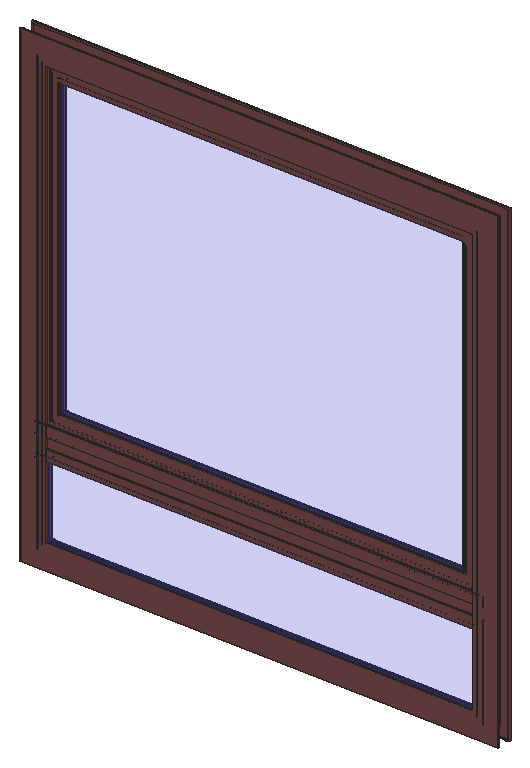
Revit family "PT,PS, 69, 99, 612, 912, 615, 68", category Windows, host Wall, Revit 2016
Family settings
  Host = Wall
  OmniClass Number = 23.30.20.00
  OmniClass Title = Windows
  Always vertical = Yes
  Cut with Voids When Loaded = No
  Shared = No
  Room Calculation Point = No
Parameters (values of type "PT Type-  99")
  URL = "http://www.robmeg.co.za/"
  Top hung = yes
  Side hung = no
  Rough Height = 1219.2 mm
  Plaster = 5 mm
  Mullion height = 200 mm
  Model = "PT 99"
  Manufacturer = "Robmeg"  # constant formula
  Height = 910 mm
  Glazing = Glass
  Description = "Anodized Aluminium"
  Default Sill Height = 914.4 mm
  Wall Closure = By host
  Width = 910 mm
  Bottom guide = 33.125 mm
  Bottom glass thickness = 4 mm
  Author = "Inside"
  Aluminium anodized = Aluminium
Types (7, lengths in mm): name | Top hung | Side hung | Mullion height | Model | Height | Description | Width | Bottom glass thickness
  (no name) | yes | no | 200 | "PT 99" | 910 | "Anodized Aluminium" | 910 | 4
  PT Type- 69 | yes | no | 200 | "PT 69" | 910 | "Anodized Aluminium" | 610 | 4
  PT Type-  99 | yes | no | 200 | "PT 99" | 910 | "Anodized Aluminium" | 910 | 4
  PT Type- 612 | yes | no | 600 | "PT 612" | 1210 | "Anodized Aluminium" | 610 | 4
  PT Type- 912 | yes | no | 600 | "PT 912" | 1210 | "Anodized Aluminium" | 910 | 4
  PS Type- 615 | no | yes | 375 | "PS 615" | 1510 | "Anodized Alumium" | 610 | 4
  PS Type- 618 | no | yes | 500 | "PS 618" | 1510 | "Anodized Aluminum" | 610 | 6
Reference planes
  plane 1 "Center (Front/Back)": y = 0
  plane 2: z = 0
  plane 3 "Center (Left/Right)": x = 0
  plane 4 "Left": x = -455
  plane 5 "Right": x = 455
  plane 6 "Sill": z = 914.4
  plane 7 "Top": z = 1824.4
  plane 8: x = -450
  plane 9: z = 1819.4
  plane 10: z = 919.4
  plane 11: x = 450
  plane 12 "Glass start": y = 1
  plane 13 "Glass end": y = -3
  plane 14: z = 1469.4
  plane 15: z = 1119.4
  plane 16: z = 952.525
  plane 17: x = -416.875
  plane 18: x = 416.875
Forms (mm)
  Sweep 1, solid, material "Aluminium" <- "Aluminium anodized"
    path origin (0, 0, 0) x (1, 0, 0) y (0, 0, 1)
      loop
        line (450, 1819.4) -> (-450, 1819.4) -> (-450, 919.4) -> (450, 919.4) -> (450, 1819.4)
    profile "51741 : 51741" origin (0, 0, 1819.4) x (0, 0, -1) y (0, -1, 0)
      loop
        line (26.815, -14.05) -> (20.535, -14.05) -> (20.535, -10.19) -> (21.815, -10.19) -> (21.815, -7.3) -> (19.535, -7.3) -> (19.535, -14.05) -> (1.135, -14.05) -> (1.135, -10.95)
        arc (1.135, -10.95) -> (0.286, -11.301) -> (-0.065, -12.15) r 1.2
        line (-0.065, -12.15) -> (-0.065, -15.25) -> (30.515, -15.25) -> (30.515, -12.384) -> (28.015, -13.827) -> (28.015, 14.05) -> (29.515, 14.05) -> (29.515, 11.75)
        arc (29.515, 11.75) -> (30.015, 11.25) -> (30.515, 11.75) r 0.5
        line (30.515, 11.75) -> (30.515, 14.05) -> (39.515, 14.05) -> (39.515, 11.65) -> (41.896, 11.65) -> (41.896, 12.85) -> (40.715, 12.85) -> (40.715, 14.05) -> (46.215, 14.05) -> (46.215, 12.85) -> (45.215, 12.85) -> (45.215, 11.65) -> (47.415, 11.65) -> (47.415, 15.25) -> (-0.065, 15.25) -> (-0.065, 12.15)
        arc (-0.065, 12.15) -> (0.334, 11.455) -> (1.135, 11.45) r 0.804
        line (1.135, 11.45) -> (1.135, 14.05) -> (19.535, 14.05) -> (19.535, 7.3) -> (21.815, 7.3) -> (21.815, 10.19) -> (20.535, 10.19) -> (20.535, 14.05) -> (26.815, 14.05) -> (26.815, -14.05)
  Sweep 2, solid, material "Aluminium" <- "Aluminium anodized"
    path origin (0, 0, 0) x (1, 0, 0) y (0, 0, 1)
      loop
        line (-450, 1819.4) -> (-450, 1119.4) -> (450, 1119.4) -> (450, 1819.4) -> (-450, 1819.4)
    profile "H10197 : H10197" origin (-450, 0, 1469.4) x (1, 0, 0) y (0, -1, 0)
      loop
        line (43.095, 8.408) -> (43.095, -19.692) -> (49.375, -19.692) -> (49.375, -14.812)
        arc (49.375, -14.812) -> (48.125, -13.562) -> (49.375, -12.312) r 1.25
        line (49.375, -12.312) -> (49.375, 1.008)
        arc (49.375, 1.008) -> (48.125, 2.258) -> (49.375, 3.508) r 1.25
        line (49.375, 3.508) -> (49.375, 8.408) -> (43.095, 8.408)
      loop
        line (41.895, 8.128) -> (41.895, -5.218) -> (41.895, -19.692) -> (40.495, -19.692) -> (40.495, -17.512)
        arc (40.495, -17.512) -> (39.995, -17.012) -> (39.495, -17.512) r 0.5
        line (39.495, -17.512) -> (39.495, -19.692) -> (30.495, -19.692) -> (30.495, -17.492) -> (28.345, -17.492)
        arc (28.345, -17.492) -> (27.845, -17.992) -> (28.345, -18.492) r 0.5
        line (28.345, -18.492) -> (29.295, -18.492) -> (29.295, -19.692) -> (23.795, -19.692) -> (23.795, -18.378) -> (24.706, -18.378)
        arc (24.706, -18.378) -> (25.206, -17.878) -> (24.706, -17.378) r 0.5
        line (24.706, -17.378) -> (23.784, -17.378)
        arc (23.784, -17.378) -> (23.137, -16.895) -> (22.595, -17.493) r 0.6
        line (22.595, -17.493) -> (22.595, -20.892) -> (53.175, -20.892) -> (53.175, -18.892)
        arc (53.175, -18.892) -> (51.875, -18.322) -> (50.575, -18.892) r 1.767
        line (50.575, -18.892) -> (50.575, -6.066) -> (50.575, 7.908)
        arc (50.575, 7.908) -> (51.375, 8.708) -> (52.175, 7.908) r 0.8
        line (52.175, 7.908) -> (52.175, 6.228)
        arc (52.175, 6.228) -> (52.675, 5.728) -> (53.175, 6.228) r 0.5
        line (53.175, 6.228) -> (53.175, 8.408) -> (62.175, 8.408) -> (62.175, 6.208) -> (64.325, 6.208)
        arc (64.325, 6.208) -> (64.825, 6.708) -> (64.325, 7.208) r 0.5
        line (64.325, 7.208) -> (63.375, 7.208) -> (63.375, 8.408) -> (68.875, 8.408) -> (68.875, 7.208) -> (67.925, 7.208)
        arc (67.925, 7.208) -> (67.425, 6.708) -> (67.925, 6.208) r 0.5
        line (67.925, 6.208) -> (68.875, 6.208)
        arc (68.875, 6.208) -> (69.474, 5.608) -> (70.075, 6.207) r 0.6
        line (70.075, 6.207) -> (70.075, 9.608) -> (39.495, 9.608) -> (39.495, 6.742) -> (41.895, 8.128)
  Sweep 3, solid, material "Aluminium" <- "Aluminium anodized"
    path origin (0, 0, 0) x (1, 0, 0) y (0, 0, 1)
      loop
        line (-450, 1819.4) -> (-450, 1119.4) -> (450, 1119.4) -> (450, 1819.4) -> (-450, 1819.4)
    profile "glazing gasket : glazing gasket" origin (-450, 0, 1469.4) x (1, 0, 0) y (0, -1, 0)
      loop
        line (53.254, -17.23) -> (53.254, -20.244) -> (69.855, -5.509)
        arc (69.855, -5.509) -> (69.76, -4.756) -> (69.092, -5.117) r 0.46
        line (69.092, -5.117) -> (67.564, -6.473) -> (66.198, -4.108) -> (65.274, -4.108) -> (66.736, -6.639) -> (61.74, -6.639) -> (63.22, -4.077) -> (51.988, -4.077) -> (51.988, 8.186) -> (51.188, 8.186) -> (51.188, -4.877) -> (61.834, -4.877) -> (60.355, -7.439) -> (66.475, -7.439) -> (54.054, -18.464) -> (54.054, -15.845) -> (50.954, -17.634) -> (50.954, -18.558) -> (53.254, -17.23)
  Extrusion 4, solid, material "Glass" <- "Glazing"
    sketch origin (0, 0, 914.4) x (0, -1, 0) y (1, 0, 0)
      loop
        line (-1, -395.946) -> (3, -395.946) -> (3, 395.946) -> (-1, 395.946) -> (-1, -395.946)
    from 259.054 to 850.946
  Sweep 5, solid, material "Aluminium" <- "Aluminium anodized"
    path origin (0, 0, 0) x (1, 0, 0) y (0, 0, 1)
      loop
        line (421.985, 1119.4) -> (-421.985, 1119.4)
    profile "H10196 : H10196" origin (0, 0, 1119.4) x (0, 0, -1) y (0, -1, 0)
      loop
        line (-6.462, -14.013) -> (-6.462, -3.983)
        arc (-6.462, -3.983) -> (-6.819, -3.344) -> (-7.55, -3.313) r 0.75
        arc (-7.55, -3.313) -> (-9.511, -3.642) -> (-11.315, -2.806) r 3.36
        arc (-11.315, -2.806) -> (-11.372, -1.69) -> (-10.256, -1.633) r 0.79
        arc (-10.256, -1.633) -> (-7.282, -0.313) -> (-10.256, 1.008) r 1.78
        arc (-10.256, 1.008) -> (-11.372, 1.065) -> (-11.315, 2.181) r 0.79
        arc (-11.315, 2.181) -> (-9.511, 3.017) -> (-7.55, 2.688) r 3.36
        arc (-7.55, 2.688) -> (-6.819, 2.719) -> (-6.462, 3.358) r 0.75
        line (-6.462, 3.358) -> (-6.462, 9.887) -> (-26.662, 9.887) -> (-26.662, 3.358)
        arc (-26.662, 3.358) -> (-26.306, 2.719) -> (-25.575, 2.688) r 0.75
        arc (-25.575, 2.688) -> (-23.614, 3.017) -> (-21.81, 2.181) r 3.36
        arc (-21.81, 2.181) -> (-21.753, 1.065) -> (-22.869, 1.008) r 0.79
        arc (-22.869, 1.008) -> (-25.842, -0.313) -> (-22.869, -1.633) r 1.78
        arc (-22.869, -1.633) -> (-21.753, -1.69) -> (-21.81, -2.806) r 0.79
        arc (-21.81, -2.806) -> (-23.733, -3.656) -> (-25.785, -3.197) r 3.36
        arc (-25.785, -3.197) -> (-26.533, -3.245) -> (-26.662, -3.983) r 0.606
        line (-26.662, -3.983) -> (-26.662, -14.013) -> (-6.462, -14.013)
      loop
        line (-2.562, -15.313) -> (-2.562, -12.446) -> (-5.162, -13.948) -> (-5.162, -2.363) -> (-5.962, -1.763) -> (-5.962, 1.137) -> (-5.162, 1.737) -> (-5.162, 13.387)
        arc (-5.162, 13.387) -> (-4.362, 13.888) -> (-3.562, 13.387) r 0.89
        line (-3.562, 13.387) -> (-3.562, 11.887)
        arc (-3.562, 11.887) -> (-3.062, 11.387) -> (-2.562, 11.887) r 0.5
        line (-2.562, 11.887) -> (-2.562, 13.887) -> (6.238, 13.887) -> (6.238, 11.839) -> (8.456, 11.839)
        arc (8.456, 11.839) -> (8.912, 12.247) -> (8.488, 12.687) r 0.425
        line (8.488, 12.687) -> (7.538, 12.687) -> (7.538, 13.887) -> (13.038, 13.887) -> (13.038, 12.687) -> (12.088, 12.687)
        arc (12.088, 12.687) -> (11.663, 12.262) -> (12.088, 11.837) r 0.425
        line (12.088, 11.837) -> (13.038, 11.837)
        arc (13.038, 11.837) -> (13.688, 11.187) -> (14.338, 11.837) r 0.65
        line (14.338, 11.837) -> (14.338, 15.187) -> (-6.462, 15.187) -> (-6.462, 11.187) -> (-26.662, 11.187) -> (-26.662, 15.187) -> (-47.462, 15.188) -> (-47.462, 11.838)
        arc (-47.462, 11.838) -> (-46.812, 11.187) -> (-46.162, 11.838) r 0.65
        line (-46.162, 11.838) -> (-45.212, 11.838)
        arc (-45.212, 11.838) -> (-44.787, 12.263) -> (-45.212, 12.688) r 0.425
        line (-45.212, 12.688) -> (-46.162, 12.688) -> (-46.162, 13.888) -> (-40.662, 13.888) -> (-40.662, 12.688) -> (-41.612, 12.688)
        arc (-41.612, 12.688) -> (-42.037, 12.247) -> (-41.581, 11.839) r 0.425
        line (-41.581, 11.839) -> (-39.362, 11.839) -> (-39.362, 13.888) -> (-30.562, 13.887) -> (-30.562, 11.887)
        arc (-30.562, 11.887) -> (-30.062, 11.387) -> (-29.562, 11.887) r 0.5
        line (-29.562, 11.887) -> (-29.562, 13.387)
        arc (-29.562, 13.387) -> (-28.762, 13.888) -> (-27.962, 13.387) r 0.89
        line (-27.962, 13.387) -> (-27.962, 1.737) -> (-27.162, 1.137) -> (-27.162, -1.563) -> (-27.962, -2.363) -> (-27.962, -13.948) -> (-30.562, -12.446) -> (-30.562, -15.313) -> (-2.562, -15.313)
  Sweep 6, solid, material "Aluminium" <- "Aluminium anodized"
    path origin (0, 0, 0) x (1, 0, 0) y (0, 0, 1)
      loop
        line (416.875, 1119.4) -> (-416.875, 1119.4) -> (-416.875, 952.525) -> (416.875, 952.525) -> (416.875, 1119.4)
    profile "glazing gasket : glazing gasket" origin (0, 0, 1119.4) x (0, 0, -1) y (0, -1, 0)
      loop
        line (-2.459, -12.107) -> (-2.459, -15.12) -> (14.142, -0.386)
        arc (14.142, -0.386) -> (14.047, 0.368) -> (13.379, 0.007) r 0.46
        line (13.379, 0.007) -> (11.851, -1.35) -> (10.485, 1.016) -> (9.561, 1.016) -> (11.023, -1.516) -> (6.027, -1.516) -> (7.507, 1.047) -> (-3.725, 1.047) -> (-3.725, 13.309) -> (-4.525, 13.309) -> (-4.525, 0.247) -> (6.121, 0.247) -> (4.642, -2.316) -> (10.762, -2.316) -> (-1.659, -13.341) -> (-1.659, -10.721) -> (-4.759, -12.511) -> (-4.759, -13.435) -> (-2.459, -12.107)
  Extrusion 7, solid, material "Glass" <- "Glazing"
    sketch origin (542.281, 228.6, 1119.4) x (1, 0, 0) y (0, 1, 0)
      loop
        line (-960.815, -231.6) -> (-960.815, -235.6) -> (-123.746, -235.6) -> (-123.746, -231.6) -> (-960.815, -231.6)
    from -168.534 to 1.659
Lines and regions (mm)
  Opening 1
    outline origin (-1524, -76.2, 0) x (1, 0, 0) y (0, 0, 1)
      loop
        line (1069, 1824.4) -> (1069, 914.4) -> (1979, 914.4) -> (1979, 1824.4) -> (1069, 1824.4)
  symbolic lines, style "Elevation Swing", visible <- "Top hung"
    curve 1: line (427.426, 0, 1796.826) -> (0, 0, 1141.995)
    curve 2: line (0, 0, 1141.995) -> (-427.405, 0, 1796.805)
  symbolic lines, style "Elevation Swing", visible <- "Side hung"
    curve 3: line (427.426, 0, 1796.826) -> (-427.405, 0, 1469.411)
    curve 4: line (-427.405, 0, 1469.411) -> (427.426, 0, 1141.974)
Text (mm)
  text "EXTERIOR" at (-1490.695, 1293.036, 0), in view "Ref. Level"
  text "INTERIOR" at (-1490.695, -959.266, 0), in view "Ref. Level"
  text "Exterior" at (0, 1108.87, 3129.179), in view "Left"
  text "Exterior" at (0, 464.664, 3176.206), in view "Right"
Dimensions and locks
  equal spacing: plane 4 "Left", plane 3 "Center (Left/Right)", plane 5 "Right"
  "Width": plane 4 "Left" to plane 5 "Right"
  "Height": plane 6 "Sill" to plane 7 "Top"
  "Default Sill Height": plane 2 to plane 6 "Sill"
  "Plaster": plane 9 to plane 7 "Top"
  "Plaster": plane 6 "Sill" to plane 10
  "Plaster": plane 11 to plane 5 "Right"
  "Plaster": plane 4 "Left" to plane 8
  "Mullion height": plane 10 to plane 15
  "Bottom guide": plane 16 to plane 10
  "Bottom guide": plane 8 to plane 17
  "Bottom guide": plane 18 to plane 11
  equal spacing: plane 15, plane 14, plane 9
  "Bottom glass thickness": Extrusion 7 to plane 13 "Glass end"
  aligned and locked: plane 7 "Top" to Opening 1 sketch curve
  aligned and locked: plane 6 "Sill" to Opening 1 sketch curve  (x2)
  aligned and locked: plane 5 "Right" to Opening 1 sketch curve
  aligned and locked: plane 4 "Left" to Opening 1 sketch curve
  aligned and locked: level to plane 2
  aligned and locked: plane 9 to Sweep 1 sketch curve
  aligned and locked: plane 11 to Sweep 1 sketch curve
  aligned and locked: plane 10 to Sweep 1 sketch curve
  aligned and locked: plane 8 to Sweep 1 sketch curve
  aligned and locked: plane 8 to Sweep 2 sketch curve
  aligned and locked: plane 9 to Sweep 2 sketch curve
  aligned and locked: plane 11 to Sweep 2 sketch curve
  aligned and locked: plane 8 to Sweep 3 sketch curve
  aligned and locked: plane 9 to Sweep 3 sketch curve
  aligned and locked: plane 11 to Sweep 3 sketch curve
  aligned and locked: plane 12 "Glass start" to Extrusion 4 sketch curve
  aligned and locked: Extrusion 4 sketch curve to plane 13 "Glass end"
  aligned and locked: Sweep 3 to Extrusion 4 sketch curve
  aligned and locked: Extrusion 4 sketch curve to Sweep 3
  aligned and locked: Sweep 3 to Extrusion 4
  aligned and locked: plane 15 to Sweep 5 sketch curve
  aligned and locked: plane 15 to Sweep 6 sketch curve
  aligned and locked: Sweep 1 to Sweep 5 sketch curve  (x2)
  aligned and locked: plane 15 to Sweep 2 sketch curve
  aligned and locked: plane 15 to Sweep 3 sketch curve
  aligned and locked: plane 16 to Sweep 6 sketch curve
  aligned and locked: plane 18 to Sweep 6 sketch curve
  aligned and locked: Sweep 6 sketch curve to plane 17
  aligned and locked: Extrusion 7 sketch curve to plane 13 "Glass end"
  aligned and locked: Sweep 6 to Extrusion 7 sketch curve
  aligned and locked: Extrusion 7 sketch curve to Sweep 6
  aligned and locked: Extrusion 4 to Sweep 3
  aligned and locked: Sweep 6 to Extrusion 7
  aligned and locked: Extrusion 7 to Sweep 6
Automatic sketch dimensions
  plane 8 to Sweep 2 sketch curve = 0 mm
  curve 2 to plane 3 "Center (Left/Right)" = 0 mm
  plane 14 to curve 3 = 0.011 mm
  plane 17 to curve 3 = 10.53 mm
  curve 3 to plane 18 = 10.551 mm
  plane 15 to curve 1 = 22.595 mm
  curve 3 to plane 9 = 22.574 mm
  plane 17 to curve 2 = 10.53 mm
  curve 4 to plane 18 = 10.551 mm
  plane 15 to curve 4 = 22.574 mm
  curve 2 to plane 9 = 22.595 mm
  Extrusion 7 sketch curve to plane 13 "Glass end" = 4 mm
